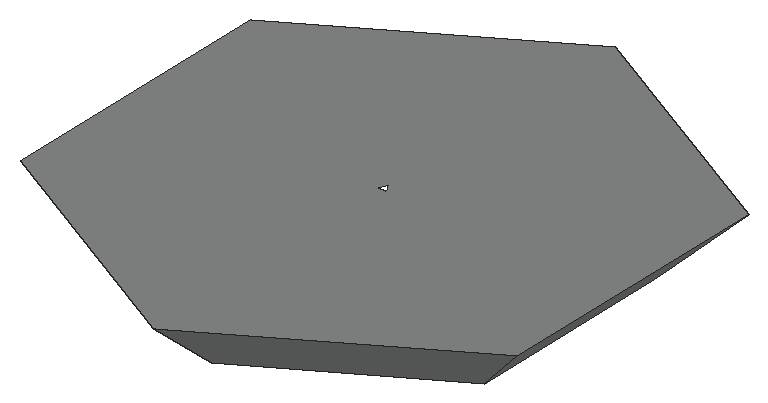
Revit family "Faceted Clouds 001", category Generic Models, Revit 2021
Family settings
  Can host rebar = No
  Round Connector Dimension = Use Diameter
  Part Type = Normal
  Work Plane-Based = No
  Always vertical = Yes
  Cut with Voids When Loaded = No
  Shared = No
  Room Calculation Point = No
Parameters
  URL = "https://www.csiposhfelt.com/products/facet-clouds-001"
  Model = "Faceted Clouds 001"
  Material [instance] = PSH175
  Manufacturer = "CSI PoshFelt"
  Default Elevation = 0' - 0"
Reference planes (in)
  plane 1 "Center (Front/Back)": y = 0
  plane 2: z = 0
  plane 3 "Center (Left/Right)": x = 0
  plane 4: z = 3
Forms (in)
  Extrusion 1, solid, material "PSH175" <- "Material"
    sketch origin (0, 0, 0) x (1, 0, 0) y (0, 1, 0)
      loop
        line (12, 6.9282) -> (0, 13.85641) -> (-12, 6.9282) -> (-12, -6.9282) -> (0, -13.85641) -> (12, -6.9282) -> (12, 6.9282)
    from 0 to 3
  Sweep 2, void
    path in 3D
      loop
        line (12, 6.9282, 0) -> (12, -6.9282, 0) -> (0, -13.85641, 0) -> (-12, -6.9282, 0) -> (-12, 6.9282, 0) -> (0, 13.85641, 0) -> (12, 6.9282, 0)
    profile origin (6, 10.3923, 0) x (-0.5, -0.866025, 0) y (0, 0, -1)
      loop
        line (0, 0) -> (0, -3) -> (3, 0) -> (0, 0)
  Blend 3, void
    base sketch origin (0, 0, 0) x (1, 0, 0) y (0, 1, 0)
      loop
        line (0, 10.3923) -> (-9, -5.19615) -> (9, -5.19615) -> (0, 10.3923)
    top sketch origin (0, 0, 3) x (1, 0, 0) y (0, 1, 0)
      loop
        line (0, 0.29764) -> (-0.25, -0.13537) -> (0.25, -0.13537) -> (0, 0.29764)
    from 0 to 0
Cuts and joins
  Sweep 2, Blend 3 cuts Extrusion 1
Lines and regions (in)
  sketch lines
    curve 1: line (0, 13.85641, 0) -> (12, 6.9282, 0)
    curve 2: line (-12, 6.9282, 0) -> (0, 13.85641, 0)
    curve 3: line (-12, -6.9282, 0) -> (-12, 6.9282, 0)
    curve 4: line (0, -13.85641, 0) -> (-12, -6.9282, 0)
    curve 5: line (12, -6.9282, 0) -> (0, -13.85641, 0)
    curve 6: line (12, 6.9282, 0) -> (12, -6.9282, 0)
Dimensions and locks (in)
  aligned and locked: plane 2 to level
  aligned and locked: Extrusion 1 to plane 2
  aligned and locked: plane 4 to Extrusion 1
